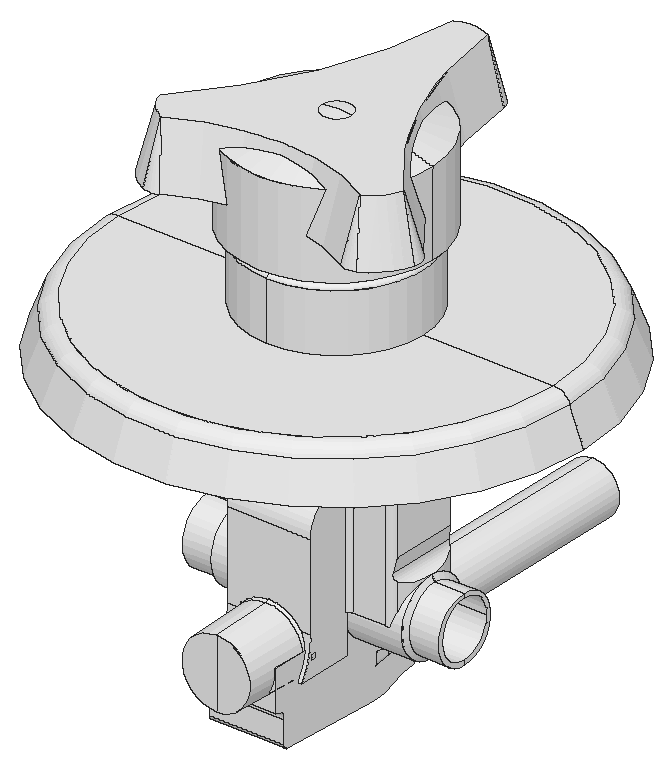
Revit family "9600-P", category Plumbing Fixtures, host Face, Revit 2021
Family settings
  Host = Face
  Round Connector Dimension = Use Diameter
  Part Type = Normal
  OmniClass Number = 23.65.70.11.11
  OmniClass Title = Fixtures for Liquids
  Cut with Voids When Loaded = No
  Shared = No
  Room Calculation Point = No
Parameters (values of type "1.2 GPM Flow Restrictor, Chrome")
  z Wide Lever [instance] = 0
  z Visibility [instance] = no
  z Type Model [instance] = 0
  z Type GPM = 0
  z Type Finish = 0
  z Type = 0
  z Slip On Tub [instance] = 0
  z Reverse Core [instance] = 0
  z Pipe Radius [instance] = 0.000"
  z Overall Width [instance] = 0.000"
  z Overall Height [instance] = 0.000"
  z Overall Depth [instance] = 0.000"
  z Offset [instance] = 0.000"
  z Integral Service Stops [instance] = 0
  z Has Wide Lever Handle [instance] = no
  z Has Volume Control [instance] = no
  z Has Trim = no
  z Has Slip On Tub Spout [instance] = no
  z Has Showerhead [instance] = no
  z Has Reverse Core [instance] = no
  z Has Rebuild Kit Trim Only = no
  z Has Integral Service Stops [instance] = no
  z Has Check Stops [instance] = no
  z Has 2.0 GPM Flow Restrictor [instance] = no
  z Has 1.5 GPM Flow Restrictor [instance] = no
  z Has .5 Inch Female Connections [instance] = no
  z GPM Number = 0
  z GPM GPM = 0.000 GPM
  z Flow Rate [instance] = 0
  z Error Box Width [instance] = 0.000"
  z Error Box Height [instance] = 0.000"
  z Error Box Depth [instance] = 0.000"
  z Error = no
  z .5 Inch Female Connections [instance] = 0
  z  Showerhead [instance] = 0
  URL = ""
  Product data url = ""
  Product Page URL = ""
  Product Material = Chrome - Symmons - Polished
  Product Documentation Link = ""
  Part Number [instance] = "\r\n Not Available"
  Part Description [instance] = ""
  Model Disclaimer = ""
  Model = "\r\n Not Available"
  Manufacturer = ""
  Gallons Per Minute = 1.200 GPM
  Family Version = ""
  Equipment Number [instance] = ""
  Equipment Abbreviation = ""
  Description = ""
  Default Elevation = 0.000"
  Date Modified = ""
  Date Created = ""
  Copyright = ""
Types (4): name | Gallons Per Minute
  1.2 GPM Flow Restrictor, Chrome | 1.200 GPM
  1.5 GPM Flow Restrictor, Chrome | 1.500 GPM
  1.75 GPM Flow Restrictor, Chrome | 1.750 GPM
  2 GPM Flow Restrictor, Chrome | 2.000 GPM
Reference planes (in)
  plane 1 "Center (Front/Back)": y = 0
  plane 2 "Center (Elevation)": z = 0
  plane 3 "Center (Left/Right)": x = 0
  plane 4: x = 0
  plane 5: y = 28.5
  plane 6: x = 0
  plane 7: z = 0
  plane 8: z = 0
  plane 9: y = -12
  plane 10: y = 45
Dimensions and locks (in)
  equal spacing: plane 4, plane 3 "Center (Left/Right)", plane 6
  "z Overall Width": plane 4 to plane 6
  plane 5 to plane 1 "Center (Front/Back)" = 28.500"
  "z Offset": plane 7 to plane 2 "Center (Elevation)"
  "z Overall Depth": plane 8 to plane 7
  locked: plane 1 "Center (Front/Back)" to plane 9 at 12
  locked: plane 10 to plane 1 "Center (Front/Back)" at 45
  plane 10 to plane 9 = 57.000"
  aligned and locked: plane 2 "Center (Elevation)" to host face
  aligned and locked: level to host face
Automatic sketch dimensions
  host sketch curve to host sketch curve = 6.27601"
  host sketch curve to host sketch curve = 10.81461"
Nested families (in)
  nested 1: "Shower_System_Valve" at (0, 0, 0), type "Chrome"
    with zz Length 9 4.000", zz Length 10 0.100", Part Number "3500-CYL-B", Part Description "Shower Valve System with Symmons Temptrol mixing valve,Chrome", Equipment Number ""
Connectors (in)
  piping at (0.05807, 3.75, -3.0625), diameter 0.5
    settings: on nested 1, index 5, connector inside diameter 24", connector length 0.000", flow factor 0, pipe flow 0.000 GPM, pressure drop 0.00 psi, fitting loss kfactor 0, connector angle 0.000°, fixture units 0, engagement length 0.000", angle of deflection 0.000°, flow configuration 0, flow direction 2, fitting loss method 0, system type 29, joint type 0, gender type 0, connector reference index -1, connector utility 0, adjustable connector no, is connector primary yes, connector description "Mixed Water Out"
  piping at (-1.11556, 0, -2.3685), diameter 0.5
    settings: on nested 1, index 6, connector inside diameter 24", connector length 0.000", flow factor 0, pipe flow 0.000 GPM, pressure drop 0.00 psi, fitting loss kfactor 0, connector angle 0.000°, fixture units 0, engagement length 0.000", angle of deflection 0.000°, flow configuration 0, flow direction 1, fitting loss method 0, system type 19, joint type 0, gender type 0, connector reference index -1, connector utility 0, adjustable connector no, is connector primary no, connector description "Hot Water Supply"
  piping at (1.02672, 0, -2.3685), diameter 0.5
    settings: on nested 1, index 7, connector inside diameter 24", connector length 0.000", flow factor 0, pipe flow 0.000 GPM, pressure drop 0.00 psi, fitting loss kfactor 0, connector angle 0.000°, fixture units 0, engagement length 0.000", angle of deflection 0.000°, flow configuration 0, flow direction 1, fitting loss method 0, system type 20, joint type 0, gender type 0, connector reference index -1, connector utility 0, adjustable connector no, is connector primary no, connector description "Cold Water Supply"
  piping at (0, -1.752, -2.59375), diameter 0.5
    settings: on nested 1, index 8, connector inside diameter 24", connector length 0.000", flow factor 0, pipe flow 0.000 GPM, pressure drop 0.00 psi, fitting loss kfactor 0, connector angle 0.000°, fixture units 0, engagement length 0.000", angle of deflection 0.000°, flow configuration 0, flow direction 2, fitting loss method 0, system type 22, joint type 0, gender type 0, connector reference index -1, connector utility 0, adjustable connector no, is connector primary no, connector description "Tub Spout Supply"
Definition of nested family "Shower_System_Valve"
  Parameters (values of type "Chrome")
    zz Text 2 = ""
    zz Text 1 = ""
    zz Length 9 [instance] = 0.000"
    zz Length 10 [instance] = 0.000"
    URL = ""
    Product Page URL = ""
    Product Material = none
    Product Documentation Link = ""
    Part Number [instance] = ""
    Part Description [instance] = ""
    Model Disclaimer = ""
    Model = ""
    Manufacturer = ""
    Family Version = ""
    Equipment Number [instance] = ""
    Equipment Abbreviation = ""
    Description = ""
    Default Elevation = 0.000"
    Date Modified = ""
    Date Created = ""
    Copyright = ""
  Reference planes (in)
    plane 1 "Center (Front/Back)": y = 0
    plane 2 "Center (Elevation)": z = 0
    plane 3 "Center (Left/Right)": x = 0
    plane 4: x = -16
    plane 5: y = 3.75
    plane 6: y = -3.75
    plane 7: x = 16
    plane 8: z = 0
    plane 9: x = 3.25
    plane 10: x = -3.25
    plane 11: y = -5.75
  Forms (in)
    Extrusion 1, solid, material <- "Product Material"
      sketch origin (0, 0, 0) x (1, 0, 0) y (0, 1, 0)
        loop
          line (-3.25, 3.75) -> (-3.25, -3.75) -> (3.25, -3.75) -> (3.25, 3.75) -> (-3.25, 3.75)
      from 0 to -0.49403
    Revolve 2, solid, material <- "Product Material"
      sketch origin (0, 0, 0) x (0, 1, 0) y (0, 0, 1)
        loop
          line (0, 1.41381) -> (0, 0.47) -> (1.01414, 0.47) -> (1.01414, 1.21889)
          arc (1.01414, 1.21889) -> (0.99293, 1.2555) -> (0.95195, 1.26602) r 0.05467
          line (0.95195, 1.26602) -> (0.4999, 1.26602)
          arc (0.4999, 1.26602) -> (0.4548, 1.2843) -> (0.43516, 1.32882) r 0.06476
          arc (0.43516, 1.32882) -> (0.41525, 1.3646) -> (0.37524, 1.3733) r 0.04973
          line (0.37524, 1.3733) -> (0.37524, 1.41381) -> (0, 1.41381)
        axis (0, 1.41381) -> (0, 0.47)
      angle from 0 to 360
    Revolve 3, solid, material <- "Product Material"
      sketch origin (0, 0, 0) x (0, 1, 0) y (0, 0, 1)
        loop
          arc (0.78273, -0.21014) -> (0.79592, -0.17085) -> (0.83013, -0.14747) r 0.06513
          arc (0.83013, -0.14747) -> (0.84009, -0.12344) -> (0.84348, -0.09765) r 0.09964
          line (0.84348, -0.09765) -> (0.84348, 0) -> (0, 0) -> (0, -2.3428) -> (0.57152, -2.3428) -> (0.57152, -1.79847)
          arc (0.57152, -1.79847) -> (0.58367, -1.75995) -> (0.61571, -1.73536) r 0.06717
          arc (0.61571, -1.73536) -> (0.64467, -1.71314) -> (0.65565, -1.67832) r 0.06069
          line (0.65565, -1.67832) -> (0.65565, -1.20182)
          arc (0.65565, -1.20182) -> (0.6595, -1.17998) -> (0.67059, -1.16078) r 0.06385
          arc (0.67059, -1.16078) -> (0.68279, -1.13963) -> (0.68703, -1.11559) r 0.07029
          line (0.68703, -1.11559) -> (0.68703, -0.86559)
          arc (0.68703, -0.86559) -> (0.70132, -0.82632) -> (0.72818, -0.79431) r 0.12032
          arc (0.72818, -0.79431) -> (0.74375, -0.77402) -> (0.74929, -0.74906) r 0.05908
          line (0.74929, -0.74906) -> (0.74929, -0.5749)
          arc (0.74929, -0.5749) -> (0.7572, -0.52575) -> (0.78273, -0.48301) r 0.13217
          line (0.78273, -0.48301) -> (0.78273, -0.21014)
        axis (0, 0) -> (0, -2.3428)
      angle from 0 to 360
    Extrusion 4, solid, material <- "Product Material"
      sketch origin (0, 0, 0) x (1, 0, 0) y (0, 1, 0)
        loop
          line (0.48392, 0.42426) -> (0.48392, -0.48198)
          arc (0.48392, -0.48198) -> (0.50866, -0.44973) -> (0.54744, -0.4375) r 0.0676
          line (0.54744, -0.4375) -> (0.91492, -0.4375)
          arc (0.91492, -0.4375) -> (0.98057, -0.42784) -> (1.02672, -0.38015) r 0.10307
          arc (1.02672, -0.38015) -> (1.112, 0) -> (1.02672, 0.38015) r 0.88995
          arc (1.02672, 0.38015) -> (0.97002, 0.41289) -> (0.90554, 0.42426) r 0.18853
          line (0.90554, 0.42426) -> (0.48392, 0.42426)
      from -2.3428 to -0.48301
    Extrusion 5, void
      sketch origin (0, 0, 0) x (1, 0, 0) y (0, 0, 1)
        loop
          arc (1.12128, -0.64291) -> (1.05254, -0.69934) -> (1.02672, -0.78444) r 0.15319
          line (1.02672, -0.78444) -> (1.02672, -1.625) -> (1.00118, -1.76989)
          arc (1.00118, -1.76989) -> (1.0257, -1.88053) -> (1.12128, -1.94142) r 0.14807
          line (1.12128, -1.94142) -> (1.12128, -0.64291)
      from -0.53605 to 0.48198
    Extrusion 6, solid, material <- "Product Material"
      sketch origin (0, 0, 0) x (0, 1, 0) y (0, 0, 1)
        loop
          line (-0.45569, -0.88434) -> (-0.80233, -1.04779)
          arc (-0.80233, -1.04779) -> (-0.93476, -1.17702) -> (-0.98338, -1.35555) r 0.35209
          line (-0.98338, -1.35555) -> (-0.98338, -2.36089)
          arc (-0.98338, -2.36089) -> (-1.01729, -2.59628) -> (-1.11624, -2.81253) r 0.83411
          line (-1.11624, -2.81253) -> (-0.45569, -2.81253) -> (-0.45569, -0.88434)
      from -0.48892 to 0.48392
    Revolve 7, solid, material <- "Product Material"
      sketch origin (0, 0, 0) x (1, 0, 0) y (0, 0, 1)
        loop
          line (-1.5, -2.375) -> (0, -2.375) -> (0, -1.93862) -> (-1.11556, -1.93862) -> (-1.15085, -1.99974) -> (-1.5, -1.99974) -> (-1.5, -2.375)
        axis (-1.5, -2.375) -> (0, -2.375)
      angle from 0 to 360
    Revolve 8, solid, material <- "Product Material"
      sketch origin (0, 0, 0) x (-1, 0, 0) y (0, 0, 1)
        loop
          line (-1.5, -2.375) -> (0, -2.375) -> (0, -1.93862) -> (-1.11556, -1.93862) -> (-1.15085, -1.99974) -> (-1.5, -1.99974) -> (-1.5, -2.375)
        axis (-1.5, -2.375) -> (0, -2.375)
      angle from 0 to 360
    Revolve 9, solid, material <- "Product Material"
      sketch origin (0, 0, 0) x (0, 1, 0) y (0, 0, 1)
        loop
          line (-1.752, -2.59375) -> (-0.9385, -2.59375) -> (-0.92928, -2.10687) -> (-0.9625, -2.10687)
          arc (-0.9625, -2.10687) -> (-0.98073, -2.15089) -> (-1.02475, -2.16912) r 0.06225
          line (-1.02475, -2.16912) -> (-1.752, -2.19419) -> (-1.752, -2.59375)
        axis (-1.752, -2.59375) -> (-0.92928, -2.59375)
      angle from 0 to 360
    Extrusion 10, solid, material <- "Product Material"
      sketch origin (0, 0, 0) x (0, 1, 0) y (0, 0, 1)
        loop
          arc (-1.42289, -3.00473) -> (-1.34077, -3.03875) -> (-1.30675, -3.12087) r 0.11615
          line (-1.30675, -3.12087) -> (-1.30675, -3.38372)
          arc (-1.30675, -3.38372) -> (-1.28934, -3.42574) -> (-1.24732, -3.44315) r 0.05943
          line (-1.24732, -3.44315) -> (0, -3.5)
          arc (0, -3.5) -> (0.14006, -3.49083) -> (0.27481, -3.45154) r 0.64421
          arc (0.27481, -3.45154) -> (0.43086, -3.39856) -> (0.5925, -3.36642) r 1.25845
          line (0.5925, -3.36642) -> (0.5925, -2.61642)
          arc (0.5925, -2.61642) -> (0.48406, -2.62305) -> (0.41944, -2.53572) r 0.11385
          line (0.41944, -2.53572) -> (-1.42289, -2.53572) -> (-1.42289, -3.00473)
      from -0.435 to 0.435
    Revolve 11, solid, material <- "Product Material"
      sketch origin (0, 0, 0) x (0, 1, 0) y (0, 0, 1)
        loop
          line (3.75, -2.7503) -> (1.30968, -2.7503) -> (1.30968, -2.68666) -> (1.28596, -2.66294) -> (0.03673, -2.61932) -> (0.02125, -3.0625) -> (3.75, -3.0625) -> (3.75, -2.7503)
        axis (3.75, -3.0625) -> (0.02125, -3.0625)
      angle from 0 to 360
    Extrusion 12, void
      sketch origin (0, 0, 0) x (0, 1, 0) y (0, 0, 1)
        loop
          circle (0, -2.3685) r 0.32942
      from 1.02672 to 1.55897
    Extrusion 13, void
      sketch origin (0, 0, 0) x (0, 1, 0) y (0, 0, 1)
        loop
          circle (0, -2.3685) r 0.31609
      from -1.52114 to -1.11556
    Extrusion 14, void
      sketch origin (0, 0, 0) x (1, 0, 0) y (0, 0, 1)
        loop
          circle (0, -3.0625) r 0.29035
      from -3.97508 to -1.47369
    Extrusion 15, solid, material <- "Product Material"
      sketch origin (0, 0, 0) x (1, 0, 0) y (0, 1, 0)
        loop
          arc (1.08564, 0.21875) -> (1.02508, 0.24383) -> (1, 0.30439) r 0.08564
          line (1, 0.30439) -> (1, -0.30345)
          arc (1, -0.30345) -> (1.02481, -0.24356) -> (1.0847, -0.21875) r 0.0847
          line (1.0847, -0.21875) -> (1.43326, -0.21875)
          arc (1.43326, -0.21875) -> (1.47484, -0.20186) -> (1.5, -0.16471) r 0.07721
          line (1.5, -0.16471) -> (1.5, 0.15076)
          arc (1.5, 0.15076) -> (1.48008, 0.19883) -> (1.43201, 0.21875) r 0.06799
          line (1.43201, 0.21875) -> (1.08564, 0.21875)
      from -0.65249 to -0.48301
    Extrusion 16, solid, material <- "Product Material"
      sketch origin (0, 0, 0) x (-1, 0, 0) y (0, -1, 0)
        loop
          line (1.08564, -0.21875) -> (1.43201, -0.21875)
          arc (1.43201, -0.21875) -> (1.48008, -0.19883) -> (1.5, -0.15076) r 0.06799
          line (1.5, -0.15076) -> (1.5, 0.16471)
          arc (1.5, 0.16471) -> (1.47484, 0.20186) -> (1.43326, 0.21875) r 0.07721
          line (1.43326, 0.21875) -> (1.0847, 0.21875)
          arc (1.0847, 0.21875) -> (1.02481, 0.24356) -> (1, 0.30345) r 0.0847
          line (1, 0.30345) -> (1, -0.30439)
          arc (1, -0.30439) -> (1.02508, -0.24383) -> (1.08564, -0.21875) r 0.08564
      from -0.65249 to -0.48301
    Extrusion 17, solid, material <- "Product Material", not visible
      sketch origin (1.5, 0, -2.375) x (0, 1, 0) y (0, 0, 1)
        loop
          circle (0, 0) r 0.37526
      from -0.2492 to 0
    Revolve 18, solid, material <- "Product Material"
      sketch origin (0, 0, 0) x (1, 0, 0) y (0, 0, 1)
        loop
          line (0, 0) -> (2.8968, 0) -> (2.73613, 0.41858)
          arc (2.73613, 0.41858) -> (2.66102, 0.5125) -> (2.54547, 0.54575) r 0.19831
          line (2.54547, 0.54575) -> (0, 0.54575) -> (0, 0)
        axis (0, 0.54575) -> (0, 0)
      angle from 0 to 360
    Revolve 19, solid, material <- "Product Material"
      sketch origin (0, 0, 0) x (1, 0, 0) y (0, 0, 1)
        loop
          line (0, 1.37075) -> (1.13235, 1.37075) -> (1.13235, 2.34775)
          arc (1.13235, 2.34775) -> (0.57675, 2.51291) -> (0, 2.57072) r 3.07048
          line (0, 2.57072) -> (0, 1.37075)
        axis (0, 2.57072) -> (0, 1.37075)
      angle from 0 to 360
    Blend 20, solid, material <- "Product Material"
      base sketch origin (0, 0, 0) x (1, 0, 0) y (0, 1, 0)
        loop
          arc (-1.59994, -0.84486) -> (-1.47346, -1.09392) -> (-1.25614, -1.26942) r 0.66756
          arc (-1.25614, -1.26942) -> (-1.15678, -1.29131) -> (-1.05919, -1.26254) r 0.20423
          arc (-1.05919, -1.26254) -> (0, -0.97033) -> (1.05919, -1.26254) r 2.06573
          arc (1.05919, -1.26254) -> (1.15678, -1.29131) -> (1.25614, -1.26942) r 0.20423
          arc (1.25614, -1.26942) -> (1.47346, -1.09392) -> (1.59994, -0.84486) r 0.66756
          arc (1.59994, -0.84486) -> (1.59117, -0.71427) -> (1.50492, -0.61583) r 0.20423
          arc (1.50492, -0.61583) -> (0.74412, 0.58493) -> (0.38792, 1.96107) r 4.58218
          arc (0.38792, 1.96107) -> (0.35051, 2.05568) -> (0.27209, 2.1205) r 0.20423
          arc (0.27209, 2.1205) -> (0, 2.1837) -> (-0.27413, 2.13003) r 0.66756
          arc (-0.27413, 2.13003) -> (-0.33764, 2.08726) -> (-0.38094, 2.0241) r 0.20423
          arc (-0.38094, 2.0241) -> (-0.7399, 0.58606) -> (-1.55226, -0.65365) r 4.43901
          arc (-1.55226, -0.65365) -> (-1.60069, -0.74312) -> (-1.59994, -0.84486) r 0.20423
      top sketch origin (0, 0, 0) x (1, 0, 0) y (0, 1, 0)
        loop
          arc (0.208, 1.95152) -> (0.00271, 2.00359) -> (-0.2053, 1.96369) r 0.48756
          arc (-0.2053, 1.96369) -> (-0.58707, 0.48654) -> (-1.42922, -0.78566) r 4.61901
          arc (-1.42922, -0.78566) -> (-1.33356, -0.98065) -> (-1.16271, -1.11475) r 0.48756
          arc (-1.16271, -1.11475) -> (0, -0.79033) -> (1.16271, -1.11475) r 2.24573
          arc (1.16271, -1.11475) -> (1.32958, -0.9855) -> (1.42619, -0.79783) r 0.48756
          arc (1.42619, -0.79783) -> (0.59439, 0.47816) -> (0.208, 1.95152) r 4.76218
      from 1.84775 to 2.55367
  Cuts and joins
    Extrusion 5, Extrusion 12, Extrusion 13 cuts Extrusion 4
    Extrusion 12, Extrusion 13 cuts Revolve 3
    Extrusion 12, Extrusion 13, Extrusion 14 cuts Revolve 7
    Extrusion 12, Extrusion 13, Extrusion 14 cuts Revolve 8
    Extrusion 12, Extrusion 13, Extrusion 14 cuts Extrusion 10
    Extrusion 12, Extrusion 13, Extrusion 14 cuts Revolve 11
    Extrusion 14 cuts Revolve 9
  Dimensions and locks (in)
    equal spacing: plane 4, plane 3 "Center (Left/Right)", plane 7, locked at 16 each
    plane 4 to plane 7 = 32.000"
    equal spacing: plane 5, plane 1 "Center (Front/Back)", plane 6
    locked: plane 5 to plane 6 at 7.5
    equal spacing: plane 10, plane 3 "Center (Left/Right)", plane 9
    locked: plane 10 to plane 9 at 6.5
    locked: plane 6 to plane 11 at 2
    aligned and locked: plane 2 "Center (Elevation)" to Extrusion 1
    aligned and locked: level to Extrusion 1
  Automatic sketch dimensions
    Extrusion 1 sketch curve to Extrusion 1 sketch curve = 6.500"
    Extrusion 1 sketch curve to Extrusion 1 sketch curve = 7.500"
    Revolve 2 sketch curve to plane 1 "Center (Front/Back)" = 0.000"  (x2)
    Revolve 2 sketch curve to plane 1 "Center (Front/Back)" = 0.37524"
    Revolve 2 sketch curve to Revolve 2 sketch curve = 0.01037"
    Revolve 2 sketch curve to Revolve 2 sketch curve = 0.11429"
    Revolve 2 sketch curve to Revolve 2 sketch curve = 0.45206"
    Revolve 2 sketch curve to Revolve 2 sketch curve = 0.00796"
    Revolve 2 sketch curve to Revolve 2 sketch curve = 0.05423"
    level to Revolve 2 sketch curve = 0.470"
    Revolve 2 sketch curve to Revolve 2 sketch curve = 0.74193"
    Revolve 2 sketch curve to Revolve 2 sketch curve = 0.00696"
    Revolve 2 sketch curve to Revolve 2 sketch curve = 0.05865"
    Revolve 2 sketch curve to Revolve 2 sketch curve = 0.06476"
    Revolve 2 sketch curve to Revolve 2 sketch curve = 0.04863"
    Revolve 2 sketch curve to Revolve 2 sketch curve = 0.04051"
    Revolve 2 sketch curve to Revolve 2 sketch curve = 0.067"
    Revolve 2 sketch curve to Revolve 2 sketch curve = 0.1429"
    Revolve 3 sketch curve to plane 1 "Center (Front/Back)" = 0.000"  (x2)
    Revolve 3 sketch curve to level = 0.000"  (x2)
    Revolve 3 sketch curve to plane 1 "Center (Front/Back)" = 0.57152"
    Revolve 3 sketch curve to Revolve 3 sketch curve = 0.02344"
    Revolve 3 sketch curve to Revolve 3 sketch curve = 0.02178"
    Revolve 3 sketch curve to Revolve 3 sketch curve = 0.06717"
    Revolve 3 sketch curve to Revolve 3 sketch curve = 0.03891"
    Revolve 3 sketch curve to Revolve 3 sketch curve = 0.07029"
    Revolve 3 sketch curve to Revolve 3 sketch curve = 0.00318"
    Revolve 3 sketch curve to Revolve 3 sketch curve = 0.06385"
    Revolve 3 sketch curve to level = 0.09765"
    Revolve 3 sketch curve to Revolve 3 sketch curve = 0.05364"
    Revolve 3 sketch curve to Revolve 3 sketch curve = 0.05908"
    Revolve 3 sketch curve to Revolve 3 sketch curve = 0.03345"
    Revolve 3 sketch curve to Revolve 3 sketch curve = 0.11849"
    Revolve 3 sketch curve to Revolve 3 sketch curve = 0.09964"
    Revolve 3 sketch curve to Revolve 3 sketch curve = 0.06513"
    Revolve 3 sketch curve to Revolve 3 sketch curve = 0.09866"
    Revolve 3 sketch curve to Revolve 3 sketch curve = 0.11248"
    Revolve 3 sketch curve to Revolve 3 sketch curve = 0.27287"
    Revolve 3 sketch curve to Revolve 3 sketch curve = 0.08794"
    Revolve 3 sketch curve to Revolve 3 sketch curve = 0.17415"
    Revolve 3 sketch curve to Revolve 3 sketch curve = 0.11653"
    Revolve 3 sketch curve to Revolve 3 sketch curve = 0.02089"
    Revolve 3 sketch curve to Revolve 3 sketch curve = 0.250"
    Revolve 3 sketch curve to Revolve 3 sketch curve = 0.08623"
    Revolve 3 sketch curve to Revolve 3 sketch curve = 0.47651"
    Revolve 3 sketch curve to Revolve 3 sketch curve = 0.12015"
    Revolve 3 sketch curve to Revolve 3 sketch curve = 0.54433"
    Revolve 3 sketch curve to Revolve 3 sketch curve = 1.54875"
    plane 1 "Center (Front/Back)" to Extrusion 4 sketch curve = 0.000"
    plane 3 "Center (Left/Right)" to Extrusion 4 sketch curve = 0.22205"
    plane 3 "Center (Left/Right)" to Extrusion 4 sketch curve = 0.48392"
    Extrusion 4 sketch curve to Extrusion 4 sketch curve = 0.06352"
    Extrusion 4 sketch curve to Extrusion 4 sketch curve = 0.42162"
    Extrusion 4 sketch curve to Extrusion 4 sketch curve = 0.36748"
    Extrusion 4 sketch curve to Extrusion 4 sketch curve = 0.01862"
    plane 1 "Center (Front/Back)" to Extrusion 4 sketch curve = 0.33613"
    Extrusion 4 sketch curve to Extrusion 4 sketch curve = 0.10137"
    Extrusion 4 sketch curve to Extrusion 4 sketch curve = 0.04448"
    Extrusion 4 sketch curve to plane 1 "Center (Front/Back)" = 0.23573"
    Extrusion 4 sketch curve to Extrusion 4 sketch curve = 0.18853"
    Extrusion 4 sketch curve to Extrusion 4 sketch curve = 0.12119"
    plane 3 "Center (Left/Right)" to Extrusion 5 sketch curve = 1.00118"
    Extrusion 5 sketch curve to Extrusion 5 sketch curve = 0.02555"
    Extrusion 5 sketch curve to Extrusion 5 sketch curve = 0.12011"
    Extrusion 5 sketch curve to Extrusion 5 sketch curve = 0.14582"  (x2)
    Extrusion 5 sketch curve to Extrusion 5 sketch curve = 0.15319"
    Extrusion 5 sketch curve to level = 1.94142"
    Extrusion 5 sketch curve to Extrusion 5 sketch curve = 0.14489"
    Extrusion 5 sketch curve to level = 0.78444"
    plane 1 "Center (Front/Back)" to Extrusion 6 sketch curve = 1.8175"
    Extrusion 6 sketch curve to Extrusion 6 sketch curve = 0.70126"
    plane 1 "Center (Front/Back)" to Extrusion 6 sketch curve = 0.98338"
    Extrusion 6 sketch curve to Extrusion 6 sketch curve = 0.18106"
    Extrusion 6 sketch curve to Extrusion 6 sketch curve = 0.17103"
    Extrusion 6 sketch curve to Extrusion 6 sketch curve = 0.34663"
    Extrusion 6 sketch curve to level = 2.81253"
    Extrusion 6 sketch curve to Extrusion 6 sketch curve = 1.00534"
    Extrusion 6 sketch curve to Extrusion 6 sketch curve = 0.16345"
    Revolve 7 sketch curve to plane 3 "Center (Left/Right)" = 0.000"  (x2)
    Revolve 7 sketch curve to plane 3 "Center (Left/Right)" = 1.11556"
    Revolve 7 sketch curve to Revolve 7 sketch curve = 0.03529"
    Revolve 7 sketch curve to Revolve 7 sketch curve = 0.34915"
    Revolve 7 sketch curve to level = 2.375"
    Revolve 7 sketch curve to Revolve 7 sketch curve = 0.37526"
    Revolve 7 sketch curve to Revolve 7 sketch curve = 0.43638"
    Revolve 7 sketch curve to Revolve 7 sketch curve = 0.000"  (x2)
    Revolve 8 sketch curve to plane 3 "Center (Left/Right)" = 0.000"  (x2)
    Revolve 8 sketch curve to Revolve 8 sketch curve = 1.11556"
    Revolve 8 sketch curve to Revolve 8 sketch curve = 0.03529"
    Revolve 8 sketch curve to Revolve 8 sketch curve = 0.34915"
    level to Revolve 8 sketch curve = 2.375"
    Revolve 8 sketch curve to Revolve 8 sketch curve = 0.37526"
    Revolve 8 sketch curve to Revolve 8 sketch curve = 0.43638"
    Revolve 8 sketch curve to Revolve 8 sketch curve = 0.000"  (x2)
    Revolve 9 sketch curve to plane 1 "Center (Front/Back)" = 0.000"
    plane 1 "Center (Front/Back)" to Revolve 9 sketch curve = 0.92928"
    Revolve 9 sketch curve to Revolve 9 sketch curve = 0.00922"
    Revolve 9 sketch curve to Revolve 9 sketch curve = 0.03322"
    Revolve 9 sketch curve to Revolve 9 sketch curve = 0.06225"
    Revolve 9 sketch curve to Revolve 9 sketch curve = 0.72725"
    Revolve 9 sketch curve to level = 2.59375"
    Revolve 9 sketch curve to Revolve 9 sketch curve = 0.39956"
    Revolve 9 sketch curve to Revolve 9 sketch curve = 0.42463"
    Revolve 9 sketch curve to Revolve 9 sketch curve = 0.000"  (x2)
    Extrusion 10 sketch curve to plane 1 "Center (Front/Back)" = 0.000"
    plane 1 "Center (Front/Back)" to Extrusion 10 sketch curve = 1.24732"
    Extrusion 10 sketch curve to Extrusion 10 sketch curve = 0.05943"
    Extrusion 10 sketch curve to Extrusion 10 sketch curve = 0.11615"
    Extrusion 10 sketch curve to plane 1 "Center (Front/Back)" = 0.0282"
    Extrusion 10 sketch curve to plane 1 "Center (Front/Back)" = 0.41944"
    Extrusion 10 sketch curve to Extrusion 10 sketch curve = 0.11274"
    Extrusion 10 sketch curve to plane 1 "Center (Front/Back)" = 0.5925"
    Extrusion 10 sketch curve to plane 1 "Center (Front/Back)" = 0.75657"
    Extrusion 10 sketch curve to level = 4.61413"
    Extrusion 10 sketch curve to Extrusion 10 sketch curve = 1.11413"
    Extrusion 10 sketch curve to Extrusion 10 sketch curve = 0.05685"
    Extrusion 10 sketch curve to Extrusion 10 sketch curve = 0.13358"
    Extrusion 10 sketch curve to Extrusion 10 sketch curve = 0.26285"
    Extrusion 10 sketch curve to Extrusion 10 sketch curve = 0.6436"
    Extrusion 10 sketch curve to Extrusion 10 sketch curve = 0.23998"
    Extrusion 10 sketch curve to Extrusion 10 sketch curve = 0.0807"
    Revolve 11 sketch curve to plane 1 "Center (Front/Back)" = 0.000"
    Revolve 11 sketch curve to plane 5 = 0.000"  (x2)
    Revolve 11 sketch curve to plane 1 "Center (Front/Back)" = 0.02125"
    Revolve 11 sketch curve to plane 1 "Center (Front/Back)" = 0.03673"
    Revolve 11 sketch curve to Revolve 11 sketch curve = 1.24924"
    Revolve 11 sketch curve to Revolve 11 sketch curve = 0.02372"  (x2)
    Revolve 11 sketch curve to level = 3.0625"
    Revolve 11 sketch curve to Revolve 11 sketch curve = 0.3122"
    Revolve 11 sketch curve to Revolve 11 sketch curve = 0.06364"
    Revolve 11 sketch curve to Revolve 11 sketch curve = 0.000"
    Extrusion 12 sketch curve to plane 1 "Center (Front/Back)" = 0.000"
    Extrusion 12 sketch curve to level = 2.3685"
    Extrusion 13 sketch curve to plane 1 "Center (Front/Back)" = 0.000"
    Extrusion 13 sketch curve to level = 2.3685"
    Extrusion 14 sketch curve to plane 3 "Center (Left/Right)" = 0.000"
    Extrusion 14 sketch curve to level = 3.0625"
    plane 1 "Center (Front/Back)" to Extrusion 15 sketch curve = 0.30345"
    plane 3 "Center (Left/Right)" to Extrusion 15 sketch curve = 1.000"
    Extrusion 15 sketch curve to Extrusion 15 sketch curve = 0.0847"
    Extrusion 15 sketch curve to Extrusion 15 sketch curve = 0.08564"  (x2)
    Extrusion 15 sketch curve to Extrusion 15 sketch curve = 0.34155"
    Extrusion 15 sketch curve to plane 1 "Center (Front/Back)" = 0.21875"
    Extrusion 15 sketch curve to Extrusion 15 sketch curve = 0.34637"
    Extrusion 15 sketch curve to Extrusion 15 sketch curve = 0.00702"
    Extrusion 15 sketch curve to Extrusion 15 sketch curve = 0.07375"
    Extrusion 15 sketch curve to Extrusion 15 sketch curve = 0.05404"
    Extrusion 15 sketch curve to Extrusion 15 sketch curve = 0.000"
    Extrusion 16 sketch curve to plane 1 "Center (Front/Back)" = 0.30345"
    plane 3 "Center (Left/Right)" to Extrusion 16 sketch curve = 1.000"
    Extrusion 16 sketch curve to Extrusion 16 sketch curve = 0.0847"
    Extrusion 16 sketch curve to Extrusion 16 sketch curve = 0.08564"  (x2)
    Extrusion 16 sketch curve to Extrusion 16 sketch curve = 0.34155"
    plane 1 "Center (Front/Back)" to Extrusion 16 sketch curve = 0.21875"
    Extrusion 16 sketch curve to Extrusion 16 sketch curve = 0.34637"
    Extrusion 16 sketch curve to Extrusion 16 sketch curve = 0.00702"
    Extrusion 16 sketch curve to Extrusion 16 sketch curve = 0.07375"
    Extrusion 16 sketch curve to Extrusion 16 sketch curve = 0.05404"
    Extrusion 16 sketch curve to Extrusion 16 sketch curve = 0.000"
    Revolve 18 sketch curve to plane 3 "Center (Left/Right)" = 0.000"
    Revolve 18 sketch curve to plane 9 = 0.70453"
    Revolve 18 sketch curve to Revolve 18 sketch curve = 0.00552"
    Revolve 18 sketch curve to Revolve 18 sketch curve = 0.18514"
    Revolve 18 sketch curve to plane 9 = 0.3532"
    level to Revolve 18 sketch curve = 0.34752"
    Revolve 18 sketch curve to Revolve 18 sketch curve = 0.07107"
    Revolve 18 sketch curve to level = 0.000"
    Revolve 19 sketch curve to plane 3 "Center (Left/Right)" = 0.000"
    Revolve 19 sketch curve to plane 3 "Center (Left/Right)" = 0.01646"
    plane 3 "Center (Left/Right)" to Revolve 19 sketch curve = 1.13235"
    Revolve 19 sketch curve to level = 0.49972"
    level to Revolve 19 sketch curve = 1.37075"
    Revolve 19 sketch curve to Revolve 19 sketch curve = 0.977"
    Blend 20 sketch curve to plane 3 "Center (Left/Right)" = 0.000"  (x2)
    Blend 20 sketch curve to plane 3 "Center (Left/Right)" = 0.01165"  (x2)
    Blend 20 sketch curve to plane 3 "Center (Left/Right)" = 0.19383"
    Blend 20 sketch curve to plane 3 "Center (Left/Right)" = 0.95466"  (x2)
    Blend 20 sketch curve to Blend 20 sketch curve = 0.20924"  (x2)
    Blend 20 sketch curve to Blend 20 sketch curve = 0.23862"  (x2)
    Blend 20 sketch curve to plane 10 = 1.55683"  (x2)
    plane 3 "Center (Left/Right)" to Blend 20 sketch curve = 0.18529"
    plane 3 "Center (Left/Right)" to Blend 20 sketch curve = 0.95466"
    plane 6 to Blend 20 sketch curve = 0.71394"  (x2)
    plane 1 "Center (Front/Back)" to Blend 20 sketch curve = 1.0872"  (x2)
    Blend 20 sketch curve to Blend 20 sketch curve = 0.29467"  (x2)
    Blend 20 sketch curve to Blend 20 sketch curve = 0.11872"  (x2)
    Blend 20 sketch curve to plane 1 "Center (Front/Back)" = 1.51624"  (x2)
    Blend 20 sketch curve to Blend 20 sketch curve = 0.4194"
    Blend 20 sketch curve to Blend 20 sketch curve = 0.00662"
    Blend 20 sketch curve to plane 5 = 1.38495"  (x2)
    Blend 20 sketch curve to plane 5 = 1.34269"  (x2)
    Blend 20 sketch curve to Blend 20 sketch curve = 0.0803"
    Blend 20 sketch curve to Blend 20 sketch curve = 0.000"  (x8)
    Blend 20 sketch curve to Blend 20 sketch curve = 0.10681"
    Blend 20 sketch curve to Blend 20 sketch curve = 0.10472"
    Blend 20 sketch curve to Blend 20 sketch curve = 0.11583"
    Blend 20 sketch curve to Blend 20 sketch curve = 0.09502"
    Blend 20 sketch curve to plane 3 "Center (Left/Right)" = 0.2053"
    plane 3 "Center (Left/Right)" to Blend 20 sketch curve = 0.208"
    plane 9 to Blend 20 sketch curve = 1.69832"
    plane 1 "Center (Front/Back)" to Blend 20 sketch curve = 0.79783"
    Blend 20 sketch curve to Blend 20 sketch curve = 0.47152"
    Blend 20 sketch curve to Blend 20 sketch curve = 0.12402"
    Blend 20 sketch curve to Blend 20 sketch curve = 0.26651"
    Blend 20 sketch curve to Blend 20 sketch curve = 0.26347"
    Blend 20 sketch curve to Blend 20 sketch curve = 0.20805"
    plane 1 "Center (Front/Back)" to Blend 20 sketch curve = 0.67381"
    radius of Extrusion 12 sketch curve = 0.32942"
    radius of Extrusion 13 sketch curve = 0.31609"
    radius of Extrusion 14 sketch curve = 0.29035"
    radius of Extrusion 17 sketch curve to Revolve 8 = 0.000"
  Connectors (in)
    piping at (0.05807, 3.75, -3.0625), diameter 0.5
      settings: on cut or joined group of Revolve 11, Extrusion 12, Extrusion 13, Extrusion 14, index 1, connector inside diameter 24", connector length 0.000", flow factor 0, pipe flow 0.000 GPM, pressure drop 0.00 psi, fitting loss kfactor 0, connector angle 0.000°, fixture units 0, engagement length 0.000", angle of deflection 0.000°, flow configuration 0, flow direction 2, fitting loss method 0, system type 29, joint type 0, gender type 0, connector reference index -1, connector utility 0, adjustable connector no, is connector primary yes, connector description "Mixed Water Out"
    piping at (-1.5, -0.06322, -2.3711), diameter 0.5
      settings: on cut or joined group of Revolve 7, Extrusion 12, Extrusion 13, Extrusion 14, index 2, connector inside diameter 24", connector length 0.000", flow factor 0, pipe flow 0.000 GPM, pressure drop 0.00 psi, fitting loss kfactor 0, connector angle 0.000°, fixture units 0, engagement length 0.000", angle of deflection 0.000°, flow configuration 0, flow direction 1, fitting loss method 0, system type 19, joint type 0, gender type 0, connector reference index -1, connector utility 0, adjustable connector no, is connector primary no, connector description "Hot Water Supply"
    piping at (0, -1.752, -2.59375), diameter 0.5
      settings: on cut or joined group of Revolve 9, Extrusion 14, index 3, connector inside diameter 24", connector length 0.000", flow factor 0, pipe flow 0.000 GPM, pressure drop 0.00 psi, fitting loss kfactor 0, connector angle 0.000°, fixture units 0, engagement length 0.000", angle of deflection 0.000°, flow configuration 0, flow direction 2, fitting loss method 0, system type 22, joint type 0, gender type 0, connector reference index -1, connector utility 0, adjustable connector no, is connector primary no, connector description "Tub Spout Supply"
    piping at (1.5, 0, -2.375), diameter 0.5
      settings: on Extrusion 17, index 4, connector inside diameter 24", connector length 0.000", flow factor 0, pipe flow 0.000 GPM, pressure drop 0.00 psi, fitting loss kfactor 0, connector angle 0.000°, fixture units 0, engagement length 0.000", angle of deflection 0.000°, flow configuration 0, flow direction 1, fitting loss method 0, system type 20, joint type 0, gender type 0, connector reference index -1, connector utility 0, adjustable connector no, is connector primary no, connector description "Cold Water Supply"
